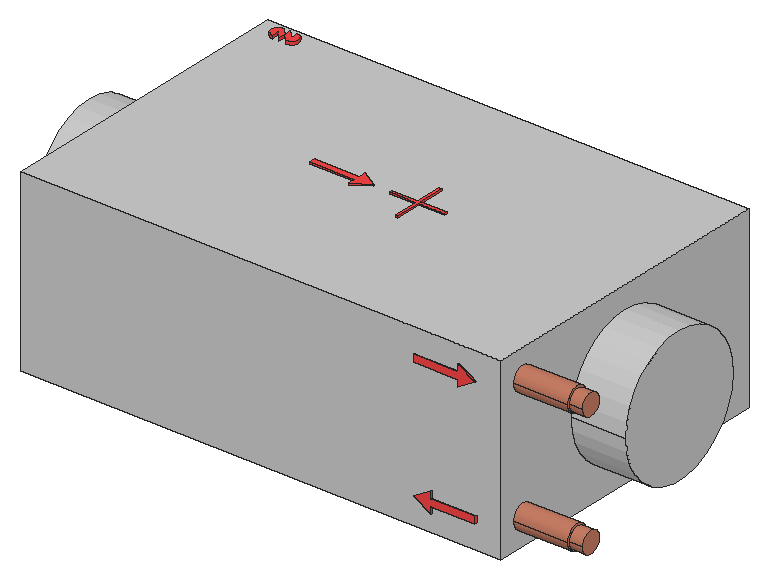
Revit family "NLRS_57_DUA_UN_round-heater-ah_rr-LT_sacs", category Duct Accessories, Revit 2019
Family settings
  Round Connector Dimension = Use Diameter
  Part Type = Breaks Into
  OmniClass Number = 23.75.10.11.17
  OmniClass Title = Warm Air Heat Generators
  Work Plane-Based = No
  Always vertical = Yes
  Cut with Voids When Loaded = No
  Shared = No
Parameters (values of type "AH_RR heater")
  SACS_X_Offset [instance] = if(SACS_Water_Connection_Right, -1 mm, SACS_Plenum_B)  # -1 mm
  SACS_Water_Connection_Right [instance] = yes
  URL = "https://solid-air.nl/producten/solid-air-naverwarmer-ah-r/"
  Type Comments = "Check flow directions!"  # constant formula
  SACS_Warning_Text_Size [instance] = if(SACS_Warning_Size, "Invalid duct size. Nearest larger size selected", " ")  # " "
  SACS_Warning_Text_Other [instance] = if(SACS_Warning_Other, "Selected configuration not allowed", " ")  # " "
  SACS_Warning_Size [instance] = not(SACS_Duct_Used_Size = NLRS_M_c01_diameter)  # no
  SACS_Warning_Sign [instance] = and(not(SACS_Disable_Warning), or(SACS_Warning_Size, SACS_Warning_Other))  # no
  SACS_Warning_Other [instance] = or([Heater rows (2-6)] < 2, [Heater rows (2-6)] > 15, [Heater circuits (1-15)] < 1, [Heater circuits (1-15)] > 15, and(SACS_Duct_Used_Size < 160 mm, [Heater circuits (1-15)] > 8))  # no
  SACS_Use_Manual_Airflow [instance] = no
  SACS_Type_Mark [instance] = ""
  SACS_Plenum_L [instance] = if([Heater rows (2-6)] < 5, 350 mm, 400 mm)  # 350 mm
  SACS_Plenum_H [instance] = size_lookup(Article_Data, "Plenum_H", 130 mm, SACS_Duct_Used_Size)  # 130 mm
  SACS_Plenum_B [instance] = size_lookup(Article_Data, "Plenum_B", 226 mm, SACS_Duct_Used_Size)  # 226 mm
  SACS_Offset_RL [instance] = if(SACS_Water_Connection_Right, 20 mm, SACS_Plenum_B - 20 mm)  # 20 mm
  SACS_Model [instance] = size_lookup(Article_Data, "Model", "AH special or illegal selection", SACS_Duct_Used_Size, SACS_Index1, SACS_Index2, SACS_Index3)  # "AH2RRR-25-01 100"
  SACS_Manual_Airflow [instance] = 0.0 m³/h
  SACS_Index3 [instance] = if(SACS_Water_Connection_Right, 0 mm, 1 mm)  # 0 mm
  SACS_Index2 [instance] = if([Heater circuits (1-15)] < 0, 0, [Heater circuits (1-15)]) * 1 mm  # 1 mm
  SACS_Index1 [instance] = if([Heater rows (2-6)] < 2, 2, [Heater rows (2-6)]) * 1 mm  # 2 mm
  Heater rows (2-6) [instance] = 2
  SACS_Duct_Used_Size [instance] = if(NLRS_M_c01_diameter > 500 mm, 630 mm, if(NLRS_M_c01_diameter > 400 mm, 500 mm, if(NLRS_M_c01_diameter > 315 mm, 400 mm, if(NLRS_M_c01_diameter > 250 mm, 315 mm, if(NLRS_M_c01_diameter > 200 mm, 250 mm, if(NLRS_M_c01_diameter > 160 mm, 200 mm, if(NLRS_M_c01_diameter > 125 mm, 160 mm, if(NLRS_M_c01_diameter > 100 mm, 125 mm, if(NLRS_M_c01_diameter > 80 mm, 100 mm, 80 mm)))))))))  # 100 mm
  SACS_Disable_Warning [instance] = no
  SACS_Diameter2 [instance] = NLRS_P_c01_diameter + 2 mm  # 17 mm
  SACS_Diameter [instance] = SACS_Duct_Used_Size - 2 mm  # 98 mm
  SACS_Article_Code [instance] = size_lookup(Article_Data, "", "NB", SACS_Duct_Used_Size, SACS_Index1, SACS_Index2, SACS_Index3)  # "9400000050"
  SACS_Air_Flow [instance] = 0.0 m³/h
  SA-Select [instance] = "https://selectietool.solid-air.nl/Dashboard/CPMDashPage/Show/14"
  Heater circuits (1-15) [instance] = 1
  NLRS_P_c01_volumestroom [instance] = 0.0 L/s
  NLRS_P_c01_drukverlies_statisch [instance] = 0.0 Pa
  NLRS_P_c01_diameter [instance] = if([Heater circuits (1-15)] < 8, 15 mm, if([Heater circuits (1-15)] < 15, 20 mm, 25 mm))  # 15 mm
  NLRS_M_c01_drukverlies_statisch [instance] = 0.0 Pa
  NLRS_M_c01_diameter [instance] = 100 mm
  NLRS_M_c01_debiet [instance] = abs(if(SACS_Use_Manual_Airflow, SACS_Manual_Airflow, SACS_Air_Flow))  # 0.0 m³/h
  NLRS_C_niveau ontwikkeling = "LOD 400"  # constant formula
  NLRS_C_model [instance] = SACS_Model  # "AH2RRR-25-01 100"
  NLRS_C_description = Description  # "Heater battery AH_RR - Round connector - Solid Air"
  NLRS_C_content_versie = "3.19.02"  # constant formula
  NLRS_C_content_provider = "Solid Air Climate Solutions"  # constant formula
  NLRS_C_content_datum_uitgifte = "05-07-2022"  # constant formula
  NLRS_C_content_creator = "J. Feeke"  # constant formula
  Model = "AH_RR"  # constant formula
  Manufacturer = "Solid Air Climate Solutions"  # constant formula
  Article_Data = "AH2-RR_Data"  # constant formula
  LoadBearing [instance] = 1 = 0  # no
  Keynote = ""
  IsExternal [instance] = 1 = 0  # no
  IfcExportType = "Heater"  # constant formula
  IfcExportAs = "IfcHeatExchanger"  # constant formula
  IfcDescription = Description  # "Heater battery AH_RR - Round connector - Solid Air"
  FireRating [instance] = "00"  # constant formula
  Description = "Heater battery AH_RR - Round connector - Solid Air"  # constant formula
  Cost = 0
  Assembly Code = "57.00"
Reference planes
  plane 1 "Center (Front/Back)": y = 0
  plane 2: z = 0
  plane 3 "Center (Left/Right)": x = 0
  plane 4 "Left": x = -175
  plane 5 "Right": x = 175
  plane 6 "Back": y = 113
  plane 7 "Front": y = -113
  plane 8 "Top": z = 65
  plane 9 "Bottom": z = -65
  plane 10 "Threadstart": x = 215
Forms (mm)
  Extrusion 1, solid, material "Staal - Sendzimir verzinkt"
    sketch origin (0, 0, 0) x (1, 0, 0) y (0, 1, 0)
      loop
        line (-175, 113) -> (-175, -113) -> (175, -113) -> (175, 113) -> (-175, 113)
    from -65 to 65
  Extrusion 2, solid, material "Staal - Sendzimir verzinkt", detail levels medium+fine
    sketch origin (-175, 0, 0) x (0, 1, 0) y (0, 0, 1)
      loop
        circle (0, 0) r 49
    from -40 to 0
  Extrusion 3, solid, material "Staal - Sendzimir verzinkt", detail levels medium+fine
    sketch origin (175, 0, 0) x (0, 1, 0) y (0, 0, 1)
      loop
        circle (0, 0) r 49
    from 0 to 40
  Extrusion 4, solid, material "Koper", detail levels medium+fine
    sketch origin (175, 0, 0) x (0, 1, 0) y (0, 0, 1)
      loop
        circle (-93, 45) r 8.5
      loop
        circle (-93, -45) r 8.5
    from 0 to 40
  Extrusion 5, solid, material "Koper", detail levels medium+fine
    sketch origin (215, 0, 0) x (0, 1, 0) y (0, 0, 1)
      loop
        circle (-93, 45) r 7.5
      loop
        circle (-93, -45) r 7.5
    from 0 to 10
  Extrusion 6, solid, material "SACS_Label", detail levels medium+fine
    sketch origin (-445.189, 319.34, 65) x (-1, 0, 0) y (0, -1, 0)
      loop
        line (-469.136, 299.34) -> (-469.136, 318.34) -> (-450.135, 318.34) -> (-450.135, 320.34) -> (-469.223, 320.34) -> (-469.223, 339.34) -> (-471.136, 339.34) -> (-471.136, 320.34) -> (-490.135, 320.34) -> (-490.135, 318.34) -> (-471.136, 318.34) -> (-471.136, 299.34) -> (-469.136, 299.34)
    from 0 to 1
Dimensions and locks
  equal spacing: plane 6 "Back", plane 1 "Center (Front/Back)", plane 7 "Front"
  equal spacing: plane 4 "Left", plane 3 "Center (Left/Right)", plane 5 "Right"
  "SACS_Plenum_L": plane 4 "Left" to plane 5 "Right"
  "SACS_Plenum_B": plane 6 "Back" to plane 7 "Front"
  equal spacing: plane 8 "Top", level, plane 9 "Bottom"
  "SACS_Plenum_H": plane 8 "Top" to plane 9 "Bottom"
  locked: Extrusion 2 to plane 4 "Left" at 40
  locked: plane 5 "Right" to Extrusion 3 at 40
  locked: plane 8 "Top" to Extrusion 4 sketch curve at 20
  locked: Extrusion 4 sketch curve to plane 9 "Bottom" at 20
  "SACS_Offset_RL": plane 7 "Front" to Extrusion 4 sketch curve  (x2)
  locked: plane 5 "Right" to plane 10 "Threadstart" at 40
  "SACS_Offset_RL": Extrusion 5 sketch curve to plane 7 "Front"  (x2)
  locked: Extrusion 5 sketch curve to plane 9 "Bottom" at 20
  locked: plane 8 "Top" to Extrusion 5 sketch curve at 20
  locked: Extrusion 5 to plane 10 "Threadstart" at 10
  locked: nested 1 to plane 9 "Bottom" at 20
  locked: plane 5 "Right" to nested 1 at 40
  locked: plane 5 "Right" to nested 2 at 40
  locked: plane 8 "Top" to nested 2 at 20
  locked: plane 4 "Left" to nested 3 at 20
  locked: plane 6 "Back" to nested 3 at 10
  Extrusion 6 sketch curve to plane 1 "Center (Front/Back)" to Extrusion 6 sketch curve = 20 mm locked, 20 mm locked
  Extrusion 6 sketch curve to plane 1 "Center (Front/Back)" to Extrusion 6 sketch curve = 1 mm locked, 1 mm locked
  "SACS_Diameter": diameter of Extrusion 2 sketch curve
  "SACS_Diameter": diameter of Extrusion 3 sketch curve
  "SACS_Diameter2": diameter of Extrusion 4 sketch curve  (x2)
  "NLRS_P_c01_diameter": diameter of Extrusion 5 sketch curve  (x2)
  aligned and locked: level to plane 2
  aligned and locked: Extrusion 1 sketch curve to plane 6 "Back"
  aligned and locked: plane 7 "Front" to Extrusion 1 sketch curve
  aligned and locked: Extrusion 1 sketch curve to plane 5 "Right"
  aligned and locked: plane 4 "Left" to Extrusion 1 sketch curve
  aligned and locked: Extrusion 1 to plane 9 "Bottom"
  aligned and locked: plane 8 "Top" to Extrusion 1
  aligned and locked: plane 4 "Left" to Extrusion 2
  aligned and locked: plane 5 "Right" to Extrusion 1  (x3)
  aligned and locked: Extrusion 4 to plane 5 "Right"  (x2)
  aligned and locked: plane 10 "Threadstart" to Extrusion 4
  aligned and locked: plane 1 "Center (Front/Back)" to nested 4
  aligned and locked: plane 3 "Center (Left/Right)" to nested 6
Automatic sketch dimensions
  Extrusion 6 sketch curve to plane 10 "Threadstart" = 170.054 mm
  Extrusion 6 sketch curve to Extrusion 6 sketch curve = 18.999 mm
  Extrusion 6 sketch curve to Extrusion 6 sketch curve = 0 mm  (x2)
  Extrusion 6 sketch curve to Extrusion 6 sketch curve = 1.913 mm
  Extrusion 6 sketch curve to Extrusion 6 sketch curve = 2 mm  (x2)
  Extrusion 6 sketch curve to Extrusion 6 sketch curve = 19.088 mm
  Extrusion 2 sketch curve to level = 0 mm
  Extrusion 2 sketch curve to plane 1 "Center (Front/Back)" = 0 mm
  Extrusion 3 sketch curve to level = 0 mm
  Extrusion 3 sketch curve to plane 1 "Center (Front/Back)" = 0 mm
Nested families
  nested 1: "arrow" at (135, -114, -45) x (-1, 0, 0) z (0, 1, 0), built-in parameter 1001364 <- "SACS_X_Offset", type "arrow", detail levels medium+fine
  nested 2: "arrow" at (135, -114, 45) x (1, 0, 0) z (0, 1, 0), built-in parameter 1001364 <- "SACS_X_Offset", type "arrow", detail levels medium+fine
  nested 3: "logo_single" at (-155, 103, 65), type "logo_single", detail levels medium+fine
  nested 4: "arrow" at (-30, 0, 65), type "arrow", detail levels medium+fine
  nested 5: "Warning" at (0, 0, 65), visible <- "SACS_Warning_Sign", type "Warning", detail levels medium+fine
  nested 6: "NV-Symbol" at (0, 0, 65), type "NV-Symbol", detail levels coarse
Connectors
  hvac at (-175, 0, 0), driven by "NLRS_M_c01_diameter", driven by "NLRS_M_c01_debiet", driven by "NLRS_M_c01_drukverlies_statisch"
    settings: on Extrusion 2, index 1, duct flow 0.0 m³/h, flow factor 0, pres drop 0.0 Pa, loss coef 0, conn angle 0.00°, conn width 304.8 mm, conn height 304.8 mm, conn diameter 100 mm, duct sys type 1, conn prof type 0, flow config 1, flow direction 1, loss method 4, conn ref index -1, conn util no, is conn primary no, conn desc "Supply Air in"
  hvac at (175, 0, 0), driven by "NLRS_M_c01_diameter", driven by "SACS_Air_Flow"
    settings: on Extrusion 3, index 2, duct flow 0.0 m³/h, flow factor 0, pres drop 0.0 Pa, loss coef 0, conn angle 0.00°, conn width 304.8 mm, conn height 304.8 mm, conn diameter 100 mm, duct sys type 1, conn prof type 0, flow config 0, flow direction 2, loss method 0, conn ref index -1, conn util no, is conn primary yes, conn desc ""
  piping at (215, -93, -45), diameter 15, driven by "NLRS_P_c01_diameter"
    settings: on Extrusion 5, index 3, connector inside diameter 609.6 mm, connector length 0 mm, flow factor 0, pipe flow 0.0 L/s, pressure drop 0.0 Pa, fitting loss kfactor 0, connector angle 0.00°, fixture units 0, engagement length 0 mm, angle of deflection 0.00°, flow configuration 0, flow direction 0, fitting loss method 0, system type 7, joint type 0, gender type 0, connector reference index -1, connector utility 0, adjustable connector no, is connector primary yes, connector description ""
  piping at (215, -93, 45), diameter 15, driven by "NLRS_P_c01_diameter"
    settings: on Extrusion 5, index 4, connector inside diameter 609.6 mm, connector length 0 mm, flow factor 0, pipe flow 0.0 L/s, pressure drop 0.0 Pa, fitting loss kfactor 0, connector angle 0.00°, fixture units 0, engagement length 0 mm, angle of deflection 0.00°, flow configuration 0, flow direction 0, fitting loss method 0, system type 8, joint type 0, gender type 0, connector reference index -1, connector utility 0, adjustable connector no, is connector primary no, connector description ""
Definition of nested family "arrow"
  Parameters (values of type "arrow")
    Default Elevation = 1219.2 mm
  Reference planes
    plane 1 "Center (Front/Back)": y = 0
    plane 2: z = 0
    plane 3 "Center (Left/Right)": x = 0
  Forms (mm)
    Extrusion 1, solid
      sketch origin (0, 48.354, 0) x (-1, 0, 0) y (0, -1, 0)
        loop
          line (22.513, 50.854) -> (-10.002, 50.854) -> (-10.002, 55.854) -> (-22.513, 48.354) -> (-10.002, 40.854) -> (-10.002, 45.854) -> (22.513, 45.854) -> (22.513, 50.854)
      from 0 to 1
  Dimensions and locks
    aligned and locked: level to plane 2
Definition of nested family "logo_single"
  Parameters (values of type "logo_single")
    t = 5 mm
    Model = "LOD 400"
    Description = "Model type"
    Default Elevation = 1219.2 mm
  Reference planes
    plane 1 "Center (Front/Back)": y = 0
    plane 2: z = 0
    plane 3 "Center (Left/Right)": x = 0
    plane 4: z = 2
    plane 5: x = -10
    plane 6: y = -5
    plane 7: y = 5
    plane 8: x = -5
    plane 9: x = 5
    plane 10: x = 10
  Forms (mm)
    Extrusion 1, solid
      sketch origin (-547.644, -297.937, 0) x (1, 0, 0) y (0, 1, 0)
        loop
          arc (542.644, 302.937) -> (537.644, 297.937) -> (542.644, 292.937) r 5
          line (542.644, 292.937) -> (542.644, 297.937) -> (547.644, 292.937) -> (547.644, 297.937) -> (542.644, 302.937)
      from 0 to 2
    Extrusion 2, solid
      sketch origin (0, 0, 0) x (1, 0, 0) y (0, 1, 0)
        loop
          arc (5, -5) -> (10, 0) -> (5, 5) r 5
          line (5, 5) -> (5, 0) -> (0, 5) -> (0, 0) -> (5, -5)
      from 0 to 2
  Dimensions and locks
    "t": plane 7 to plane 1 "Center (Front/Back)"
    "t": plane 6 to plane 1 "Center (Front/Back)"
    "t": plane 5 to plane 8
    "t": plane 8 to plane 3 "Center (Left/Right)"
    "t": plane 3 "Center (Left/Right)" to plane 9
    "t": plane 9 to plane 10
    aligned and locked: level to plane 2
    aligned and locked: plane 4 to Extrusion 1
  Automatic sketch dimensions
    plane 1 "Center (Front/Back)" to Extrusion 1 sketch curve = 0 mm  (x3)
    Extrusion 1 sketch curve to plane 8 = 0 mm
    Extrusion 1 sketch curve to plane 7 = 0 mm
    Extrusion 1 sketch curve to plane 3 "Center (Left/Right)" = 0 mm
    Extrusion 1 sketch curve to plane 6 = 0 mm
    Extrusion 2 sketch curve to plane 3 "Center (Left/Right)" = 0 mm
    plane 1 "Center (Front/Back)" to Extrusion 2 sketch curve = 0 mm  (x3)
    Extrusion 2 sketch curve to plane 6 = 0 mm
    Extrusion 2 sketch curve to plane 9 = 0 mm
    Extrusion 2 sketch curve to plane 7 = 0 mm
Definition of nested family "Warning"
  Parameters (values of type "Warning")
    straal = 1000 mm
  Reference planes
    plane 1 "Center (Front/Back)": y = 0
    plane 2: z = 0
    plane 3 "Center (Left/Right)": x = 0
  Lines and regions (mm)
    Filled region 1, type "Solid Fill - Black", in view "Ref. Level"
      outline origin (0, 0, 0) x (1, 0, 0) y (0, 1, 0)
        loop
          line (-25.8, 75) -> (-20, -12.003) -> (20, -12.003) -> (25.8, 75) -> (-25.8, 75)
        loop
          circle (0, -50) r 25
Definition of nested family "NV-Symbol"
  Parameters (values of type "FD-Symbol_Side")
    Width = 300 mm
    Length = 300 mm
    Half_Width = Width / 2  # 150 mm
  Types (2, lengths in mm): name | Width | Length | Half_Width
    FD-Symbol_Side | 300 | 300 | 150
    FD-Symbol_Top | 0 | 750 | 0
  Reference planes
    plane 1 "Center (Front/Back)": y = 0
    plane 2: z = 0
    plane 3 "Center (Left/Right)": x = 0
    plane 4: x = -150
    plane 5: x = 150
    plane 6: y = -150
    plane 7: y = 150
    plane 8: x = -100
    plane 9: x = -125
    plane 10: y = 125
    plane 11: x = -417.698
    plane 12: y = 67.059
  Lines and regions (mm)
    detail lines, in view "Ref. Level"
      curve 1: line (-150, 150, 0) -> (150, 150, 0)
      curve 2: line (-150, -150, 0) -> (-150, 150, 0)
      curve 3: line (150, -150, 0) -> (-150, -150, 0)
      curve 4: line (150, 150, 0) -> (150, -150, 0)
      curve 5: line (-150, -150, 0) -> (150, 150, 0)
      curve 6: line (-125, 0, 0) -> (-75, 0, 0)
      curve 7: line (-100, 25, 0) -> (-100, -25, 0)
      curve 8: line (-141.355, 137.5, 0) -> (-141.355, 112.5, 0)
      curve 9: line (-141.355, 137.5, 0) -> (-128.855, 112.5, 0)
      curve 10: line (-128.855, 112.5, 0) -> (-128.855, 137.5, 0)
      curve 11: line (-121.145, 137.5, 0) -> (-114.447, 112.5, 0)
      curve 12: line (-114.447, 112.5, 0) -> (-105.347, 137.5, 0)
      curve 18: line (-150, 0, 0) -> (150, 0, 0)
    detail lines, in view "Ref. Level", not visible
      curve 13: line (-434.053, 79.559, 0) -> (-434.053, 54.559, 0)
      curve 14: line (-434.053, 79.559, 0) -> (-421.553, 54.559, 0)
      curve 15: line (-421.553, 54.559, 0) -> (-421.553, 79.559, 0)
      curve 16: line (-413.844, 79.559, 0) -> (-407.145, 54.559, 0)
      curve 17: line (-407.145, 54.559, 0) -> (-398.046, 79.559, 0)
  Dimensions and locks
    "Half_Width": plane 1 "Center (Front/Back)" to plane 6
    "Half_Width": plane 7 to plane 1 "Center (Front/Back)"
    "Length": plane 4 to plane 5
    equal spacing: plane 4, plane 3 "Center (Left/Right)", plane 5
    plane 4 to plane 8 = 50 mm
    locked: curve 6 to plane 8 at 25
    locked: plane 8 to curve 6 at 25
    locked: plane 1 "Center (Front/Back)" to curve 7 at 25
    locked: curve 7 to plane 1 "Center (Front/Back)" at 25
    locked: plane 4 to plane 9 at 25
    locked: plane 7 to plane 10 at 25
    aligned and locked: plane 4 to curve 2
    aligned and locked: curve 1 to plane 7
    aligned and locked: curve 4 to plane 5
    aligned and locked: plane 6 to curve 3
    aligned and locked: plane 1 "Center (Front/Back)" to curve 6
    aligned and locked: plane 4 to curve 18
    aligned and locked: plane 5 to curve 18
  Automatic sketch dimensions
    plane 1 "Center (Front/Back)" to curve 18 = 0 mm
    curve 5 to plane 4 = 0 mm
    curve 7 to plane 8 = 0 mm
